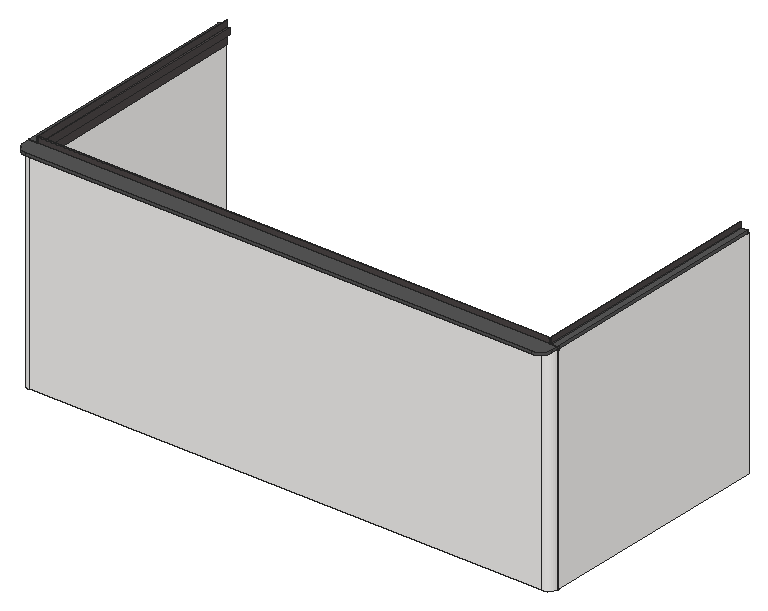
Revit family "vanity unit with 1 drawers for consoles with countertop basin ground", category Furniture, Revit 2019 (continued)
  Vanity unit 780_550 with 1 drawer for consoles with countertop basin ground-54056700-Natural Oak-MATT_WHITE-400 | "25.7" | no | no | no | no | no | no | no | no | no | no | no | no | no | no | no | no | no | no | no | no | no | no | no | no | no | no | no | no | no | no | yes | no | no | no | no | no | no | no | no | no | no | no | no | no | no | no | no | no | no | no | no | no | no | no | no | no | no | no | no | no | no | no | no | no | no | no | no | no | no | no | no | no | "MATT_WHITE" | "" | "Worldwide" | "https://pro.hansgrohe.com/articledetail--54056000" | "54056XXX" | "Natural Oak" | "Vanity unit 780/550 with 1 drawer for consoles with countertop basin ground-54056700-Natural Oak-MATT_WHITE-400" | "Xelu Q Vanity unit Natural Oak 780/550 with 1 drawer for consoles with countertop basin ground" | "Vanity unit 780/550 with 1 drawer for consoles with countertop basin ground-54056700-Natural Oak-MATT_WHITE-400" | "{$CADENAS_DATA/23d-libs/hansgrohe/xelu_furniture/vanity_unit_with_1_drawer_for_consoles_countertop/vanityunit_1_drawers_for_consoles_countertop.prj},432 {VTYP=3D},{NB=Vanity unit 780/550 with 1 drawer for consoles with countertop basin ground-54056700-Natural Oak-MATT_WHITE-400},{LINA=Vanity unit 780/550 with 1 drawer for consoles with countertop basin ground-54056700-Natural Oak-MATT_WHITE-400},{NN=Vanity Unit with 1 Drawers for consoles with countertop basin ground},{DATE=13.03.2023 03:04:52},{GEOMDATE=08.03.2023 14:00:04},{VERSION=},{LINEID=80},{WBVAR=LODLEVEL},{WBNUMERIC=}  {NB=Vanity unit 780/550 with 1 drawer for consoles with countertop basin ground-54056700-Natural Oak-MATT_WHITE-400},{LINA=Vanity unit 780/550 with 1 drawer for consoles with countertop basin ground-54056700-Natural Oak-MATT_WHITE-400},{KT=DUMMY},{IDNR=8},{ARTNR=54056700},{BASENUMBER=Vanity unit 780/550 with 1 drawer for consoles with countertop basin ground},{MODEL=54056XXX},{OBERFLAECHE=Natural Oak},{SURFACE=MATT_WHITE},{L=780},{LODLEVEL=400},{LODLEVELX='400','400','200','200'},{NAME=Xelu Q Vanity unit Natural Oak 780/550 with 1 drawer for consoles with countertop basin ground},{PERMALINK=54056XXX},{OBJECTTYPE=Object (single object)},{BIMOBJECT=Sanitary: Compound units},{PRODUCTFAMILY=Xelu Q},{PRODUCTGROUP=vanity unit},{WEIGHT=25.7},{DESCRIPTION=Xelu Q Vanity unit Natural Oak 780/550 with 1 drawer for consoles with countertop basin ground},{SPECIFICATION=},{PRODUCTURL=https://pro.hansgrohe.com/articledetail--54056000},{GTINCODE=4059625455876},{TENDERURL=},{IFC=Furnishing element},{ETIM=EC011381 | Bathroom furniture set},{UNICLASS2015=Pr_40_30_78_05 | Bathroom furniture},{OMNICLASS=23-21 19 15 33 13 | Residential Bathroom Specialty Casework},{MASTERFORMAT=12 35 30.23 | Bathroom Casework},{UNSPSC=56 | Furniture and Furnishings},{UNIFORMATII=E2010 | Fixed Furnishings},{REGIONSET=Worldwide},{DESIGN=Germany},{MANUFACTURER=Germany}" | "400" | "Vanity unit 780/550 with 1 drawer for consoles with countertop basin ground-54056700-Natural Oak-MATT_WHITE-400" | 780 | "4059625455876" | "Vanity unit 780/550 with 1 drawer for consoles with countertop basin ground" | "54056700"
  Vanity unit 780_550 with 1 drawer for consoles with countertop basin ground-54057000-Dark Walnut-CHROME-200 | "25.7" | no | no | no | no | no | no | no | no | no | no | no | no | no | no | no | no | no | no | no | no | no | no | no | no | no | no | no | no | no | yes | no | no | no | no | no | no | no | no | no | no | no | no | no | no | no | no | no | no | no | no | no | no | no | no | no | no | no | no | no | no | no | no | no | no | no | no | no | no | no | no | no | no | "CHROME" | "" | "Worldwide" | "https://pro.hansgrohe.com/articledetail--54057000" | "54057XXX" | "Dark Walnut" | "Vanity unit 780/550 with 1 drawer for consoles with countertop basin ground-54057000-Dark Walnut-CHROME-200" | "Xelu Q Vanity unit Dark Walnut 780/550 with 1 drawer for consoles with countertop basin ground" | "Vanity unit 780/550 with 1 drawer for consoles with countertop basin ground-54057000-Dark Walnut-CHROME-200" | "{$CADENAS_DATA/23d-libs/hansgrohe/xelu_furniture/vanity_unit_with_1_drawer_for_consoles_countertop/vanityunit_1_drawers_for_consoles_countertop.prj},425 {VTYP=3D},{NB=Vanity unit 780/550 with 1 drawer for consoles with countertop basin ground-54057000-Dark Walnut-CHROME-200},{LINA=Vanity unit 780/550 with 1 drawer for consoles with countertop basin ground-54057000-Dark Walnut-CHROME-200},{NN=Vanity Unit with 1 Drawers for consoles with countertop basin ground},{DATE=13.03.2023 03:04:52},{GEOMDATE=08.03.2023 14:00:04},{VERSION=},{LINEID=100},{WBVAR=LODLEVEL},{WBNUMERIC=}  {NB=Vanity unit 780/550 with 1 drawer for consoles with countertop basin ground-54057000-Dark Walnut-CHROME-200},{LINA=Vanity unit 780/550 with 1 drawer for consoles with countertop basin ground-54057000-Dark Walnut-CHROME-200},{KT=DUMMY},{IDNR=10},{ARTNR=54057000},{BASENUMBER=Vanity unit 780/550 with 1 drawer for consoles with countertop basin ground},{MODEL=54057XXX},{OBERFLAECHE=Dark Walnut},{SURFACE=CHROME},{L=780},{LODLEVEL=200},{LODLEVELX='400','400','200','200'},{NAME=Xelu Q Vanity unit Dark Walnut 780/550 with 1 drawer for consoles with countertop basin ground},{PERMALINK=54057XXX},{OBJECTTYPE=Object (single object)},{BIMOBJECT=Sanitary: Compound units},{PRODUCTFAMILY=Xelu Q},{PRODUCTGROUP=vanity unit},{WEIGHT=25.7},{DESCRIPTION=Xelu Q Vanity unit Dark Walnut 780/550 with 1 drawer for consoles with countertop basin ground},{SPECIFICATION=},{PRODUCTURL=https://pro.hansgrohe.com/articledetail--54057000},{GTINCODE=4059625455845},{TENDERURL=},{IFC=Furnishing element},{ETIM=EC011381 | Bathroom furniture set},{UNICLASS2015=Pr_40_30_78_05 | Bathroom furniture},{OMNICLASS=23-21 19 15 33 13 | Residential Bathroom Specialty Casework},{MASTERFORMAT=12 35 30.23 | Bathroom Casework},{UNSPSC=56 | Furniture and Furnishings},{UNIFORMATII=E2010 | Fixed Furnishings},{REGIONSET=Worldwide},{DESIGN=Germany},{MANUFACTURER=Germany}" | "200" | "Vanity unit 780/550 with 1 drawer for consoles with countertop basin ground-54057000-Dark Walnut-CHROME-200" | 780 | "4059625455845" | "Vanity unit 780/550 with 1 drawer for consoles with countertop basin ground" | "54057000"
  Vanity unit 780_550 with 1 drawer for consoles with countertop basin ground-54057000-Dark Walnut-CHROME-400 | "25.7" | no | no | no | no | no | no | no | no | no | no | no | no | no | no | no | no | no | no | no | no | no | no | no | no | no | no | no | no | yes | no | no | no | no | no | no | no | no | no | no | no | no | no | no | no | no | no | no | no | no | no | no | no | no | no | no | no | no | no | no | no | no | no | no | no | no | no | no | no | no | no | no | no | "CHROME" | "" | "Worldwide" | "https://pro.hansgrohe.com/articledetail--54057000" | "54057XXX" | "Dark Walnut" | "Vanity unit 780/550 with 1 drawer for consoles with countertop basin ground-54057000-Dark Walnut-CHROME-400" | "Xelu Q Vanity unit Dark Walnut 780/550 with 1 drawer for consoles with countertop basin ground" | "Vanity unit 780/550 with 1 drawer for consoles with countertop basin ground-54057000-Dark Walnut-CHROME-400" | "{$CADENAS_DATA/23d-libs/hansgrohe/xelu_furniture/vanity_unit_with_1_drawer_for_consoles_countertop/vanityunit_1_drawers_for_consoles_countertop.prj},425 {VTYP=3D},{NB=Vanity unit 780/550 with 1 drawer for consoles with countertop basin ground-54057000-Dark Walnut-CHROME-400},{LINA=Vanity unit 780/550 with 1 drawer for consoles with countertop basin ground-54057000-Dark Walnut-CHROME-400},{NN=Vanity Unit with 1 Drawers for consoles with countertop basin ground},{DATE=13.03.2023 03:04:52},{GEOMDATE=08.03.2023 14:00:04},{VERSION=},{LINEID=100},{WBVAR=LODLEVEL},{WBNUMERIC=}  {NB=Vanity unit 780/550 with 1 drawer for consoles with countertop basin ground-54057000-Dark Walnut-CHROME-400},{LINA=Vanity unit 780/550 with 1 drawer for consoles with countertop basin ground-54057000-Dark Walnut-CHROME-400},{KT=DUMMY},{IDNR=10},{ARTNR=54057000},{BASENUMBER=Vanity unit 780/550 with 1 drawer for consoles with countertop basin ground},{MODEL=54057XXX},{OBERFLAECHE=Dark Walnut},{SURFACE=CHROME},{L=780},{LODLEVEL=400},{LODLEVELX='400','400','200','200'},{NAME=Xelu Q Vanity unit Dark Walnut 780/550 with 1 drawer for consoles with countertop basin ground},{PERMALINK=54057XXX},{OBJECTTYPE=Object (single object)},{BIMOBJECT=Sanitary: Compound units},{PRODUCTFAMILY=Xelu Q},{PRODUCTGROUP=vanity unit},{WEIGHT=25.7},{DESCRIPTION=Xelu Q Vanity unit Dark Walnut 780/550 with 1 drawer for consoles with countertop basin ground},{SPECIFICATION=},{PRODUCTURL=https://pro.hansgrohe.com/articledetail--54057000},{GTINCODE=4059625455845},{TENDERURL=},{IFC=Furnishing element},{ETIM=EC011381 | Bathroom furniture set},{UNICLASS2015=Pr_40_30_78_05 | Bathroom furniture},{OMNICLASS=23-21 19 15 33 13 | Residential Bathroom Specialty Casework},{MASTERFORMAT=12 35 30.23 | Bathroom Casework},{UNSPSC=56 | Furniture and Furnishings},{UNIFORMATII=E2010 | Fixed Furnishings},{REGIONSET=Worldwide},{DESIGN=Germany},{MANUFACTURER=Germany}" | "400" | "Vanity unit 780/550 with 1 drawer for consoles with countertop basin ground-54057000-Dark Walnut-CHROME-400" | 780 | "4059625455845" | "Vanity unit 780/550 with 1 drawer for consoles with countertop basin ground" | "54057000"
  Vanity unit 780_550 with 1 drawer for consoles with countertop basin ground-54057670-Dark Walnut-MATT_BLACK-200 | "25.7" | no | no | no | no | no | no | no | no | no | no | no | no | no | no | no | no | no | no | no | no | no | no | no | no | no | no | no | yes | no | no | no | no | no | no | no | no | no | no | no | no | no | no | no | no | no | no | no | no | no | no | no | no | no | no | no | no | no | no | no | no | no | no | no | no | no | no | no | no | no | no | no | no | "MATT_BLACK" | "" | "Worldwide" | "https://pro.hansgrohe.com/articledetail--54057000" | "54057XXX" | "Dark Walnut" | "Vanity unit 780/550 with 1 drawer for consoles with countertop basin ground-54057670-Dark Walnut-MATT_BLACK-200" | "Xelu Q Vanity unit Dark Walnut 780/550 with 1 drawer for consoles with countertop basin ground" | "Vanity unit 780/550 with 1 drawer for consoles with countertop basin ground-54057670-Dark Walnut-MATT_BLACK-200" | "{$CADENAS_DATA/23d-libs/hansgrohe/xelu_furniture/vanity_unit_with_1_drawer_for_consoles_countertop/vanityunit_1_drawers_for_consoles_countertop.prj},433 {VTYP=3D},{NB=Vanity unit 780/550 with 1 drawer for consoles with countertop basin ground-54057670-Dark Walnut-MATT_BLACK-200},{LINA=Vanity unit 780/550 with 1 drawer for consoles with countertop basin ground-54057670-Dark Walnut-MATT_BLACK-200},{NN=Vanity Unit with 1 Drawers for consoles with countertop basin ground},{DATE=13.03.2023 03:04:52},{GEOMDATE=08.03.2023 14:00:04},{VERSION=},{LINEID=120},{WBVAR=LODLEVEL},{WBNUMERIC=}  {NB=Vanity unit 780/550 with 1 drawer for consoles with countertop basin ground-54057670-Dark Walnut-MATT_BLACK-200},{LINA=Vanity unit 780/550 with 1 drawer for consoles with countertop basin ground-54057670-Dark Walnut-MATT_BLACK-200},{KT=DUMMY},{IDNR=12},{ARTNR=54057670},{BASENUMBER=Vanity unit 780/550 with 1 drawer for consoles with countertop basin ground},{MODEL=54057XXX},{OBERFLAECHE=Dark Walnut},{SURFACE=MATT_BLACK},{L=780},{LODLEVEL=200},{LODLEVELX='400','400','200','200'},{NAME=Xelu Q Vanity unit Dark Walnut 780/550 with 1 drawer for consoles with countertop basin ground},{PERMALINK=54057XXX},{OBJECTTYPE=Object (single object)},{BIMOBJECT=Sanitary: Compound units},{PRODUCTFAMILY=Xelu Q},{PRODUCTGROUP=vanity unit},{WEIGHT=25.7},{DESCRIPTION=Xelu Q Vanity unit Dark Walnut 780/550 with 1 drawer for consoles with countertop basin ground},{SPECIFICATION=},{PRODUCTURL=https://pro.hansgrohe.com/articledetail--54057000},{GTINCODE=4059625455845},{TENDERURL=},{IFC=Furnishing element},{ETIM=EC011381 | Bathroom furniture set},{UNICLASS2015=Pr_40_30_78_05 | Bathroom furniture},{OMNICLASS=23-21 19 15 33 13 | Residential Bathroom Specialty Casework},{MASTERFORMAT=12 35 30.23 | Bathroom Casework},{UNSPSC=56 | Furniture and Furnishings},{UNIFORMATII=E2010 | Fixed Furnishings},{REGIONSET=Worldwide},{DESIGN=Germany},{MANUFACTURER=Germany}" | "200" | "Vanity unit 780/550 with 1 drawer for consoles with countertop basin ground-54057670-Dark Walnut-MATT_BLACK-200" | 780 | "4059625455845" | "Vanity unit 780/550 with 1 drawer for consoles with countertop basin ground" | "54057670"
  Vanity unit 780_550 with 1 drawer for consoles with countertop basin ground-54057670-Dark Walnut-MATT_BLACK-400 | "25.7" | no | no | no | no | no | no | no | no | no | no | no | no | no | no | no | no | no | no | no | no | no | no | no | no | no | no | yes | no | no | no | no | no | no | no | no | no | no | no | no | no | no | no | no | no | no | no | no | no | no | no | no | no | no | no | no | no | no | no | no | no | no | no | no | no | no | no | no | no | no | no | no | no | "MATT_BLACK" | "" | "Worldwide" | "https://pro.hansgrohe.com/articledetail--54057000" | "54057XXX" | "Dark Walnut" | "Vanity unit 780/550 with 1 drawer for consoles with countertop basin ground-54057670-Dark Walnut-MATT_BLACK-400" | "Xelu Q Vanity unit Dark Walnut 780/550 with 1 drawer for consoles with countertop basin ground" | "Vanity unit 780/550 with 1 drawer for consoles with countertop basin ground-54057670-Dark Walnut-MATT_BLACK-400" | "{$CADENAS_DATA/23d-libs/hansgrohe/xelu_furniture/vanity_unit_with_1_drawer_for_consoles_countertop/vanityunit_1_drawers_for_consoles_countertop.prj},433 {VTYP=3D},{NB=Vanity unit 780/550 with 1 drawer for consoles with countertop basin ground-54057670-Dark Walnut-MATT_BLACK-400},{LINA=Vanity unit 780/550 with 1 drawer for consoles with countertop basin ground-54057670-Dark Walnut-MATT_BLACK-400},{NN=Vanity Unit with 1 Drawers for consoles with countertop basin ground},{DATE=13.03.2023 03:04:52},{GEOMDATE=08.03.2023 14:00:04},{VERSION=},{LINEID=120},{WBVAR=LODLEVEL},{WBNUMERIC=}  {NB=Vanity unit 780/550 with 1 drawer for consoles with countertop basin ground-54057670-Dark Walnut-MATT_BLACK-400},{LINA=Vanity unit 780/550 with 1 drawer for consoles with countertop basin ground-54057670-Dark Walnut-MATT_BLACK-400},{KT=DUMMY},{IDNR=12},{ARTNR=54057670},{BASENUMBER=Vanity unit 780/550 with 1 drawer for consoles with countertop basin ground},{MODEL=54057XXX},{OBERFLAECHE=Dark Walnut},{SURFACE=MATT_BLACK},{L=780},{LODLEVEL=400},{LODLEVELX='400','400','200','200'},{NAME=Xelu Q Vanity unit Dark Walnut 780/550 with 1 drawer for consoles with countertop basin ground},{PERMALINK=54057XXX},{OBJECTTYPE=Object (single object)},{BIMOBJECT=Sanitary: Compound units},{PRODUCTFAMILY=Xelu Q},{PRODUCTGROUP=vanity unit},{WEIGHT=25.7},{DESCRIPTION=Xelu Q Vanity unit Dark Walnut 780/550 with 1 drawer for consoles with countertop basin ground},{SPECIFICATION=},{PRODUCTURL=https://pro.hansgrohe.com/articledetail--54057000},{GTINCODE=4059625455845},{TENDERURL=},{IFC=Furnishing element},{ETIM=EC011381 | Bathroom furniture set},{UNICLASS2015=Pr_40_30_78_05 | Bathroom furniture},{OMNICLASS=23-21 19 15 33 13 | Residential Bathroom Specialty Casework},{MASTERFORMAT=12 35 30.23 | Bathroom Casework},{UNSPSC=56 | Furniture and Furnishings},{UNIFORMATII=E2010 | Fixed Furnishings},{REGIONSET=Worldwide},{DESIGN=Germany},{MANUFACTURER=Germany}" | "400" | "Vanity unit 780/550 with 1 drawer for consoles with countertop basin ground-54057670-Dark Walnut-MATT_BLACK-400" | 780 | "4059625455845" | "Vanity unit 780/550 with 1 drawer for consoles with countertop basin ground" | "54057670"
  Vanity unit 780_550 with 1 drawer for consoles with countertop basin ground-54057700-Dark Walnut-MATT_WHITE-200 | "25.7" | no | no | no | no | no | no | no | no | no | no | no | no | no | no | no | no | no | no | no | no | no | no | no | no | no | yes | no | no | no | no | no | no | no | no | no | no | no | no | no | no | no | no | no | no | no | no | no | no | no | no | no | no | no | no | no | no | no | no | no | no | no | no | no | no | no | no | no | no | no | no | no | no | "MATT_WHITE" | "" | "Worldwide" | "https://pro.hansgrohe.com/articledetail--54057000" | "54057XXX" | "Dark Walnut" | "Vanity unit 780/550 with 1 drawer for consoles with countertop basin ground-54057700-Dark Walnut-MATT_WHITE-200" | "Xelu Q Vanity unit Dark Walnut 780/550 with 1 drawer for consoles with countertop basin ground" | "Vanity unit 780/550 with 1 drawer for consoles with countertop basin ground-54057700-Dark Walnut-MATT_WHITE-200" | "{$CADENAS_DATA/23d-libs/hansgrohe/xelu_furniture/vanity_unit_with_1_drawer_for_consoles_countertop/vanityunit_1_drawers_for_consoles_countertop.prj},433 {VTYP=3D},{NB=Vanity unit 780/550 with 1 drawer for consoles with countertop basin ground-54057700-Dark Walnut-MATT_WHITE-200},{LINA=Vanity unit 780/550 with 1 drawer for consoles with countertop basin ground-54057700-Dark Walnut-MATT_WHITE-200},{NN=Vanity Unit with 1 Drawers for consoles with countertop basin ground},{DATE=13.03.2023 03:04:52},{GEOMDATE=08.03.2023 14:00:04},{VERSION=},{LINEID=110},{WBVAR=LODLEVEL},{WBNUMERIC=}  {NB=Vanity unit 780/550 with 1 drawer for consoles with countertop basin ground-54057700-Dark Walnut-MATT_WHITE-200},{LINA=Vanity unit 780/550 with 1 drawer for consoles with countertop basin ground-54057700-Dark Walnut-MATT_WHITE-200},{KT=DUMMY},{IDNR=11},{ARTNR=54057700},{BASENUMBER=Vanity unit 780/550 with 1 drawer for consoles with countertop basin ground},{MODEL=54057XXX},{OBERFLAECHE=Dark Walnut},{SURFACE=MATT_WHITE},{L=780},{LODLEVEL=200},{LODLEVELX='400','400','200','200'},{NAME=Xelu Q Vanity unit Dark Walnut 780/550 with 1 drawer for consoles with countertop basin ground},{PERMALINK=54057XXX},{OBJECTTYPE=Object (single object)},{BIMOBJECT=Sanitary: Compound units},{PRODUCTFAMILY=Xelu Q},{PRODUCTGROUP=vanity unit},{WEIGHT=25.7},{DESCRIPTION=Xelu Q Vanity unit Dark Walnut 780/550 with 1 drawer for consoles with countertop basin ground},{SPECIFICATION=},{PRODUCTURL=https://pro.hansgrohe.com/articledetail--54057000},{GTINCODE=4059625455845},{TENDERURL=},{IFC=Furnishing element},{ETIM=EC011381 | Bathroom furniture set},{UNICLASS2015=Pr_40_30_78_05 | Bathroom furniture},{OMNICLASS=23-21 19 15 33 13 | Residential Bathroom Specialty Casework},{MASTERFORMAT=12 35 30.23 | Bathroom Casework},{UNSPSC=56 | Furniture and Furnishings},{UNIFORMATII=E2010 | Fixed Furnishings},{REGIONSET=Worldwide},{DESIGN=Germany},{MANUFACTURER=Germany}" | "200" | "Vanity unit 780/550 with 1 drawer for consoles with countertop basin ground-54057700-Dark Walnut-MATT_WHITE-200" | 780 | "4059625455845" | "Vanity unit 780/550 with 1 drawer for consoles with countertop basin ground" | "54057700"
  Vanity unit 780_550 with 1 drawer for consoles with countertop basin ground-54057700-Dark Walnut-MATT_WHITE-400 | "25.7" | no | no | no | no | no | no | no | no | no | no | no | no | no | no | no | no | no | no | no | no | no | no | no | no | yes | no | no | no | no | no | no | no | no | no | no | no | no | no | no | no | no | no | no | no | no | no | no | no | no | no | no | no | no | no | no | no | no | no | no | no | no | no | no | no | no | no | no | no | no | no | no | no | "MATT_WHITE" | "" | "Worldwide" | "https://pro.hansgrohe.com/articledetail--54057000" | "54057XXX" | "Dark Walnut" | "Vanity unit 780/550 with 1 drawer for consoles with countertop basin ground-54057700-Dark Walnut-MATT_WHITE-400" | "Xelu Q Vanity unit Dark Walnut 780/550 with 1 drawer for consoles with countertop basin ground" | "Vanity unit 780/550 with 1 drawer for consoles with countertop basin ground-54057700-Dark Walnut-MATT_WHITE-400" | "{$CADENAS_DATA/23d-libs/hansgrohe/xelu_furniture/vanity_unit_with_1_drawer_for_consoles_countertop/vanityunit_1_drawers_for_consoles_countertop.prj},433 {VTYP=3D},{NB=Vanity unit 780/550 with 1 drawer for consoles with countertop basin ground-54057700-Dark Walnut-MATT_WHITE-400},{LINA=Vanity unit 780/550 with 1 drawer for consoles with countertop basin ground-54057700-Dark Walnut-MATT_WHITE-400},{NN=Vanity Unit with 1 Drawers for consoles with countertop basin ground},{DATE=13.03.2023 03:04:52},{GEOMDATE=08.03.2023 14:00:04},{VERSION=},{LINEID=110},{WBVAR=LODLEVEL},{WBNUMERIC=}  {NB=Vanity unit 780/550 with 1 drawer for consoles with countertop basin ground-54057700-Dark Walnut-MATT_WHITE-400},{LINA=Vanity unit 780/550 with 1 drawer for consoles with countertop basin ground-54057700-Dark Walnut-MATT_WHITE-400},{KT=DUMMY},{IDNR=11},{ARTNR=54057700},{BASENUMBER=Vanity unit 780/550 with 1 drawer for consoles with countertop basin ground},{MODEL=54057XXX},{OBERFLAECHE=Dark Walnut},{SURFACE=MATT_WHITE},{L=780},{LODLEVEL=400},{LODLEVELX='400','400','200','200'},{NAME=Xelu Q Vanity unit Dark Walnut 780/550 with 1 drawer for consoles with countertop basin ground},{PERMALINK=54057XXX},{OBJECTTYPE=Object (single object)},{BIMOBJECT=Sanitary: Compound units},{PRODUCTFAMILY=Xelu Q},{PRODUCTGROUP=vanity unit},{WEIGHT=25.7},{DESCRIPTION=Xelu Q Vanity unit Dark Walnut 780/550 with 1 drawer for consoles with countertop basin ground},{SPECIFICATION=},{PRODUCTURL=https://pro.hansgrohe.com/articledetail--54057000},{GTINCODE=4059625455845},{TENDERURL=},{IFC=Furnishing element},{ETIM=EC011381 | Bathroom furniture set},{UNICLASS2015=Pr_40_30_78_05 | Bathroom furniture},{OMNICLASS=23-21 19 15 33 13 | Residential Bathroom Specialty Casework},{MASTERFORMAT=12 35 30.23 | Bathroom Casework},{UNSPSC=56 | Furniture and Furnishings},{UNIFORMATII=E2010 | Fixed Furnishings},{REGIONSET=Worldwide},{DESIGN=Germany},{MANUFACTURER=Germany}" | "400" | "Vanity unit 780/550 with 1 drawer for consoles with countertop basin ground-54057700-Dark Walnut-MATT_WHITE-400" | 780 | "4059625455845" | "Vanity unit 780/550 with 1 drawer for consoles with countertop basin ground" | "54057700"
  Vanity unit 980_550 with 1 drawer for consoles with countertop basin ground-54058000-High Gloss White-CHROME-200 | "30.2" | no | no | no | no | no | no | no | no | no | no | no | no | no | no | no | no | no | no | no | no | no | no | no | yes | no | no | no | no | no | no | no | no | no | no | no | no | no | no | no | no | no | no | no | no | no | no | no | no | no | no | no | no | no | no | no | no | no | no | no | no | no | no | no | no | no | no | no | no | no | no | no | no | "CHROME" | "" | "Worldwide" | "https://pro.hansgrohe.com/articledetail--54058000" | "54058XXX" | "High Gloss White" | "Vanity unit 980/550 with 1 drawer for consoles with countertop basin ground-54058000-High Gloss White-CHROME-200" | "Xelu Q Vanity unit High Gloss White 980/550 with 1 drawer for consoles with countertop basin ground" | "Vanity unit 980/550 with 1 drawer for consoles with countertop basin ground-54058000-High Gloss White-CHROME-200" | "{$CADENAS_DATA/23d-libs/hansgrohe/xelu_furniture/vanity_unit_with_1_drawer_for_consoles_countertop/vanityunit_1_drawers_for_consoles_countertop.prj},435 {VTYP=3D},{NB=Vanity unit 980/550 with 1 drawer for consoles with countertop basin ground-54058000-High Gloss White-CHROME-200},{LINA=Vanity unit 980/550 with 1 drawer for consoles with countertop basin ground-54058000-High Gloss White-CHROME-200},{NN=Vanity Unit with 1 Drawers for consoles with countertop basin ground},{DATE=13.03.2023 03:04:52},{GEOMDATE=08.03.2023 14:00:04},{VERSION=},{LINEID=150},{WBVAR=LODLEVEL},{WBNUMERIC=}  {NB=Vanity unit 980/550 with 1 drawer for consoles with countertop basin ground-54058000-High Gloss White-CHROME-200},{LINA=Vanity unit 980/550 with 1 drawer for consoles with countertop basin ground-54058000-High Gloss White-CHROME-200},{KT=DUMMY},{IDNR=15},{ARTNR=54058000},{BASENUMBER=Vanity unit 980/550 with 1 drawer for consoles with countertop basin ground},{MODEL=54058XXX},{OBERFLAECHE=High Gloss White},{SURFACE=CHROME},{L=980},{LODLEVEL=200},{LODLEVELX='400','400','200','200'},{NAME=Xelu Q Vanity unit High Gloss White 980/550 with 1 drawer for consoles with countertop basin ground},{PERMALINK=54058XXX},{OBJECTTYPE=Object (single object)},{BIMOBJECT=Sanitary: Compound units},{PRODUCTFAMILY=Xelu Q},{PRODUCTGROUP=vanity unit},{WEIGHT=30.2},{DESCRIPTION=Xelu Q Vanity unit High Gloss White 980/550 with 1 drawer for consoles with countertop basin ground},{SPECIFICATION=},{PRODUCTURL=https://pro.hansgrohe.com/articledetail--54058000},{GTINCODE=4059625456217},{TENDERURL=},{IFC=Furnishing element},{ETIM=EC011381 | Bathroom furniture set},{UNICLASS2015=Pr_40_30_78_05 | Bathroom furniture},{OMNICLASS=23-21 19 15 33 13 | Residential Bathroom Specialty Casework},{MASTERFORMAT=12 35 30.23 | Bathroom Casework},{UNSPSC=56 | Furniture and Furnishings},{UNIFORMATII=E2010 | Fixed Furnishings},{REGIONSET=Worldwide},{DESIGN=Germany},{MANUFACTURER=Germany}" | "200" | "Vanity unit 980/550 with 1 drawer for consoles with countertop basin ground-54058000-High Gloss White-CHROME-200" | 980 | "4059625456217" | "Vanity unit 980/550 with 1 drawer for consoles with countertop basin ground" | "54058000"
  Vanity unit 980_550 with 1 drawer for consoles with countertop basin ground-54058000-High Gloss White-CHROME-400 | "30.2" | no | no | no | no | no | no | no | no | no | no | no | no | no | no | no | no | no | no | no | no | no | no | yes | no | no | no | no | no | no | no | no | no | no | no | no | no | no | no | no | no | no | no | no | no | no | no | no | no | no | no | no | no | no | no | no | no | no | no | no | no | no | no | no | no | no | no | no | no | no | no | no | no | "CHROME" | "" | "Worldwide" | "https://pro.hansgrohe.com/articledetail--54058000" | "54058XXX" | "High Gloss White" | "Vanity unit 980/550 with 1 drawer for consoles with countertop basin ground-54058000-High Gloss White-CHROME-400" | "Xelu Q Vanity unit High Gloss White 980/550 with 1 drawer for consoles with countertop basin ground" | "Vanity unit 980/550 with 1 drawer for consoles with countertop basin ground-54058000-High Gloss White-CHROME-400" | "{$CADENAS_DATA/23d-libs/hansgrohe/xelu_furniture/vanity_unit_with_1_drawer_for_consoles_countertop/vanityunit_1_drawers_for_consoles_countertop.prj},435 {VTYP=3D},{NB=Vanity unit 980/550 with 1 drawer for consoles with countertop basin ground-54058000-High Gloss White-CHROME-400},{LINA=Vanity unit 980/550 with 1 drawer for consoles with countertop basin ground-54058000-High Gloss White-CHROME-400},{NN=Vanity Unit with 1 Drawers for consoles with countertop basin ground},{DATE=13.03.2023 03:04:52},{GEOMDATE=08.03.2023 14:00:04},{VERSION=},{LINEID=150},{WBVAR=LODLEVEL},{WBNUMERIC=}  {NB=Vanity unit 980/550 with 1 drawer for consoles with countertop basin ground-54058000-High Gloss White-CHROME-400},{LINA=Vanity unit 980/550 with 1 drawer for consoles with countertop basin ground-54058000-High Gloss White-CHROME-400},{KT=DUMMY},{IDNR=15},{ARTNR=54058000},{BASENUMBER=Vanity unit 980/550 with 1 drawer for consoles with countertop basin ground},{MODEL=54058XXX},{OBERFLAECHE=High Gloss White},{SURFACE=CHROME},{L=980},{LODLEVEL=400},{LODLEVELX='400','400','200','200'},{NAME=Xelu Q Vanity unit High Gloss White 980/550 with 1 drawer for consoles with countertop basin ground},{PERMALINK=54058XXX},{OBJECTTYPE=Object (single object)},{BIMOBJECT=Sanitary: Compound units},{PRODUCTFAMILY=Xelu Q},{PRODUCTGROUP=vanity unit},{WEIGHT=30.2},{DESCRIPTION=Xelu Q Vanity unit High Gloss White 980/550 with 1 drawer for consoles with countertop basin ground},{SPECIFICATION=},{PRODUCTURL=https://pro.hansgrohe.com/articledetail--54058000},{GTINCODE=4059625456217},{TENDERURL=},{IFC=Furnishing element},{ETIM=EC011381 | Bathroom furniture set},{UNICLASS2015=Pr_40_30_78_05 | Bathroom furniture},{OMNICLASS=23-21 19 15 33 13 | Residential Bathroom Specialty Casework},{MASTERFORMAT=12 35 30.23 | Bathroom Casework},{UNSPSC=56 | Furniture and Furnishings},{UNIFORMATII=E2010 | Fixed Furnishings},{REGIONSET=Worldwide},{DESIGN=Germany},{MANUFACTURER=Germany}" | "400" | "Vanity unit 980/550 with 1 drawer for consoles with countertop basin ground-54058000-High Gloss White-CHROME-400" | 980 | "4059625456217" | "Vanity unit 980/550 with 1 drawer for consoles with countertop basin ground" | "54058000"
  Vanity unit 980_550 with 1 drawer for consoles with countertop basin ground-54058670-High Gloss White-MATT_BLACK-200 | "30.2" | no | no | no | no | no | no | no | no | no | no | no | no | no | no | no | no | no | no | no | no | no | yes | no | no | no | no | no | no | no | no | no | no | no | no | no | no | no | no | no | no | no | no | no | no | no | no | no | no | no | no | no | no | no | no | no | no | no | no | no | no | no | no | no | no | no | no | no | no | no | no | no | no | "MATT_BLACK" | "" | "Worldwide" | "https://pro.hansgrohe.com/articledetail--54058000" | "54058XXX" | "High Gloss White" | "Vanity unit 980/550 with 1 drawer for consoles with countertop basin ground-54058670-High Gloss White-MATT_BLACK-200" | "Xelu Q Vanity unit High Gloss White 980/550 with 1 drawer for consoles with countertop basin ground" | "Vanity unit 980/550 with 1 drawer for consoles with countertop basin ground-54058670-High Gloss White-MATT_BLACK-200" | "{$CADENAS_DATA/23d-libs/hansgrohe/xelu_furniture/vanity_unit_with_1_drawer_for_consoles_countertop/vanityunit_1_drawers_for_consoles_countertop.prj},443 {VTYP=3D},{NB=Vanity unit 980/550 with 1 drawer for consoles with countertop basin ground-54058670-High Gloss White-MATT_BLACK-200},{LINA=Vanity unit 980/550 with 1 drawer for consoles with countertop basin ground-54058670-High Gloss White-MATT_BLACK-200},{NN=Vanity Unit with 1 Drawers for consoles with countertop basin ground},{DATE=13.03.2023 03:04:52},{GEOMDATE=08.03.2023 14:00:04},{VERSION=},{LINEID=140},{WBVAR=LODLEVEL},{WBNUMERIC=}  {NB=Vanity unit 980/550 with 1 drawer for consoles with countertop basin ground-54058670-High Gloss White-MATT_BLACK-200},{LINA=Vanity unit 980/550 with 1 drawer for consoles with countertop basin ground-54058670-High Gloss White-MATT_BLACK-200},{KT=DUMMY},{IDNR=14},{ARTNR=54058670},{BASENUMBER=Vanity unit 980/550 with 1 drawer for consoles with countertop basin ground},{MODEL=54058XXX},{OBERFLAECHE=High Gloss White},{SURFACE=MATT_BLACK},{L=980},{LODLEVEL=200},{LODLEVELX='400','400','200','200'},{NAME=Xelu Q Vanity unit High Gloss White 980/550 with 1 drawer for consoles with countertop basin ground},{PERMALINK=54058XXX},{OBJECTTYPE=Object (single object)},{BIMOBJECT=Sanitary: Compound units},{PRODUCTFAMILY=Xelu Q},{PRODUCTGROUP=vanity unit},{WEIGHT=30.2},{DESCRIPTION=Xelu Q Vanity unit High Gloss White 980/550 with 1 drawer for consoles with countertop basin ground},{SPECIFICATION=},{PRODUCTURL=https://pro.hansgrohe.com/articledetail--54058000},{GTINCODE=4059625456217},{TENDERURL=},{IFC=Furnishing element},{ETIM=EC011381 | Bathroom furniture set},{UNICLASS2015=Pr_40_30_78_05 | Bathroom furniture},{OMNICLASS=23-21 19 15 33 13 | Residential Bathroom Specialty Casework},{MASTERFORMAT=12 35 30.23 | Bathroom Casework},{UNSPSC=56 | Furniture and Furnishings},{UNIFORMATII=E2010 | Fixed Furnishings},{REGIONSET=Worldwide},{DESIGN=Germany},{MANUFACTURER=Germany}" | "200" | "Vanity unit 980/550 with 1 drawer for consoles with countertop basin ground-54058670-High Gloss White-MATT_BLACK-200" | 980 | "4059625456217" | "Vanity unit 980/550 with 1 drawer for consoles with countertop basin ground" | "54058670"
  Vanity unit 980_550 with 1 drawer for consoles with countertop basin ground-54058670-High Gloss White-MATT_BLACK-400 | "30.2" | no | no | no | no | no | no | no | no | no | no | no | no | no | no | no | no | no | no | no | no | yes | no | no | no | no | no | no | no | no | no | no | no | no | no | no | no | no | no | no | no | no | no | no | no | no | no | no | no | no | no | no | no | no | no | no | no | no | no | no | no | no | no | no | no | no | no | no | no | no | no | no | no | "MATT_BLACK" | "" | "Worldwide" | "https://pro.hansgrohe.com/articledetail--54058000" | "54058XXX" | "High Gloss White" | "Vanity unit 980/550 with 1 drawer for consoles with countertop basin ground-54058670-High Gloss White-MATT_BLACK-400" | "Xelu Q Vanity unit High Gloss White 980/550 with 1 drawer for consoles with countertop basin ground" | "Vanity unit 980/550 with 1 drawer for consoles with countertop basin ground-54058670-High Gloss White-MATT_BLACK-400" | "{$CADENAS_DATA/23d-libs/hansgrohe/xelu_furniture/vanity_unit_with_1_drawer_for_consoles_countertop/vanityunit_1_drawers_for_consoles_countertop.prj},443 {VTYP=3D},{NB=Vanity unit 980/550 with 1 drawer for consoles with countertop basin ground-54058670-High Gloss White-MATT_BLACK-400},{LINA=Vanity unit 980/550 with 1 drawer for consoles with countertop basin ground-54058670-High Gloss White-MATT_BLACK-400},{NN=Vanity Unit with 1 Drawers for consoles with countertop basin ground},{DATE=13.03.2023 03:04:52},{GEOMDATE=08.03.2023 14:00:04},{VERSION=},{LINEID=140},{WBVAR=LODLEVEL},{WBNUMERIC=}  {NB=Vanity unit 980/550 with 1 drawer for consoles with countertop basin ground-54058670-High Gloss White-MATT_BLACK-400},{LINA=Vanity unit 980/550 with 1 drawer for consoles with countertop basin ground-54058670-High Gloss White-MATT_BLACK-400},{KT=DUMMY},{IDNR=14},{ARTNR=54058670},{BASENUMBER=Vanity unit 980/550 with 1 drawer for consoles with countertop basin ground},{MODEL=54058XXX},{OBERFLAECHE=High Gloss White},{SURFACE=MATT_BLACK},{L=980},{LODLEVEL=400},{LODLEVELX='400','400','200','200'},{NAME=Xelu Q Vanity unit High Gloss White 980/550 with 1 drawer for consoles with countertop basin ground},{PERMALINK=54058XXX},{OBJECTTYPE=Object (single object)},{BIMOBJECT=Sanitary: Compound units},{PRODUCTFAMILY=Xelu Q},{PRODUCTGROUP=vanity unit},{WEIGHT=30.2},{DESCRIPTION=Xelu Q Vanity unit High Gloss White 980/550 with 1 drawer for consoles with countertop basin ground},{SPECIFICATION=},{PRODUCTURL=https://pro.hansgrohe.com/articledetail--54058000},{GTINCODE=4059625456217},{TENDERURL=},{IFC=Furnishing element},{ETIM=EC011381 | Bathroom furniture set},{UNICLASS2015=Pr_40_30_78_05 | Bathroom furniture},{OMNICLASS=23-21 19 15 33 13 | Residential Bathroom Specialty Casework},{MASTERFORMAT=12 35 30.23 | Bathroom Casework},{UNSPSC=56 | Furniture and Furnishings},{UNIFORMATII=E2010 | Fixed Furnishings},{REGIONSET=Worldwide},{DESIGN=Germany},{MANUFACTURER=Germany}" | "400" | "Vanity unit 980/550 with 1 drawer for consoles with countertop basin ground-54058670-High Gloss White-MATT_BLACK-400" | 980 | "4059625456217" | "Vanity unit 980/550 with 1 drawer for consoles with countertop basin ground" | "54058670"
  Vanity unit 980_550 with 1 drawer for consoles with countertop basin ground-54058700-High Gloss White-MATT_WHITE-200 | "30.2" | no | no | no | no | no | no | no | no | no | no | no | no | no | no | no | no | no | no | no | yes | no | no | no | no | no | no | no | no | no | no | no | no | no | no | no | no | no | no | no | no | no | no | no | no | no | no | no | no | no | no | no | no | no | no | no | no | no | no | no | no | no | no | no | no | no | no | no | no | no | no | no | no | "MATT_WHITE" | "" | "Worldwide" | "https://pro.hansgrohe.com/articledetail--54058000" | "54058XXX" | "High Gloss White" | "Vanity unit 980/550 with 1 drawer for consoles with countertop basin ground-54058700-High Gloss White-MATT_WHITE-200" | "Xelu Q Vanity unit High Gloss White 980/550 with 1 drawer for consoles with countertop basin ground" | "Vanity unit 980/550 with 1 drawer for consoles with countertop basin ground-54058700-High Gloss White-MATT_WHITE-200" | "{$CADENAS_DATA/23d-libs/hansgrohe/xelu_furniture/vanity_unit_with_1_drawer_for_consoles_countertop/vanityunit_1_drawers_for_consoles_countertop.prj},443 {VTYP=3D},{NB=Vanity unit 980/550 with 1 drawer for consoles with countertop basin ground-54058700-High Gloss White-MATT_WHITE-200},{LINA=Vanity unit 980/550 with 1 drawer for consoles with countertop basin ground-54058700-High Gloss White-MATT_WHITE-200},{NN=Vanity Unit with 1 Drawers for consoles with countertop basin ground},{DATE=13.03.2023 03:04:52},{GEOMDATE=08.03.2023 14:00:04},{VERSION=},{LINEID=130},{WBVAR=LODLEVEL},{WBNUMERIC=}  {NB=Vanity unit 980/550 with 1 drawer for consoles with countertop basin ground-54058700-High Gloss White-MATT_WHITE-200},{LINA=Vanity unit 980/550 with 1 drawer for consoles with countertop basin ground-54058700-High Gloss White-MATT_WHITE-200},{KT=DUMMY},{IDNR=13},{ARTNR=54058700},{BASENUMBER=Vanity unit 980/550 with 1 drawer for consoles with countertop basin ground},{MODEL=54058XXX},{OBERFLAECHE=High Gloss White},{SURFACE=MATT_WHITE},{L=980},{LODLEVEL=200},{LODLEVELX='400','400','200','200'},{NAME=Xelu Q Vanity unit High Gloss White 980/550 with 1 drawer for consoles with countertop basin ground},{PERMALINK=54058XXX},{OBJECTTYPE=Object (single object)},{BIMOBJECT=Sanitary: Compound units},{PRODUCTFAMILY=Xelu Q},{PRODUCTGROUP=vanity unit},{WEIGHT=30.2},{DESCRIPTION=Xelu Q Vanity unit High Gloss White 980/550 with 1 drawer for consoles with countertop basin ground},{SPECIFICATION=},{PRODUCTURL=https://pro.hansgrohe.com/articledetail--54058000},{GTINCODE=4059625456217},{TENDERURL=},{IFC=Furnishing element},{ETIM=EC011381 | Bathroom furniture set},{UNICLASS2015=Pr_40_30_78_05 | Bathroom furniture},{OMNICLASS=23-21 19 15 33 13 | Residential Bathroom Specialty Casework},{MASTERFORMAT=12 35 30.23 | Bathroom Casework},{UNSPSC=56 | Furniture and Furnishings},{UNIFORMATII=E2010 | Fixed Furnishings},{REGIONSET=Worldwide},{DESIGN=Germany},{MANUFACTURER=Germany}" | "200" | "Vanity unit 980/550 with 1 drawer for consoles with countertop basin ground-54058700-High Gloss White-MATT_WHITE-200" | 980 | "4059625456217" | "Vanity unit 980/550 with 1 drawer for consoles with countertop basin ground" | "54058700"
  Vanity unit 980_550 with 1 drawer for consoles with countertop basin ground-54058700-High Gloss White-MATT_WHITE-400 | "30.2" | no | no | no | no | no | no | no | no | no | no | no | no | no | no | no | no | no | no | yes | no | no | no | no | no | no | no | no | no | no | no | no | no | no | no | no | no | no | no | no | no | no | no | no | no | no | no | no | no | no | no | no | no | no | no | no | no | no | no | no | no | no | no | no | no | no | no | no | no | no | no | no | no | "MATT_WHITE" | "" | "Worldwide" | "https://pro.hansgrohe.com/articledetail--54058000" | "54058XXX" | "High Gloss White" | "Vanity unit 980/550 with 1 drawer for consoles with countertop basin ground-54058700-High Gloss White-MATT_WHITE-400" | "Xelu Q Vanity unit High Gloss White 980/550 with 1 drawer for consoles with countertop basin ground" | "Vanity unit 980/550 with 1 drawer for consoles with countertop basin ground-54058700-High Gloss White-MATT_WHITE-400" | "{$CADENAS_DATA/23d-libs/hansgrohe/xelu_furniture/vanity_unit_with_1_drawer_for_consoles_countertop/vanityunit_1_drawers_for_consoles_countertop.prj},443 {VTYP=3D},{NB=Vanity unit 980/550 with 1 drawer for consoles with countertop basin ground-54058700-High Gloss White-MATT_WHITE-400},{LINA=Vanity unit 980/550 with 1 drawer for consoles with countertop basin ground-54058700-High Gloss White-MATT_WHITE-400},{NN=Vanity Unit with 1 Drawers for consoles with countertop basin ground},{DATE=13.03.2023 03:04:52},{GEOMDATE=08.03.2023 14:00:04},{VERSION=},{LINEID=130},{WBVAR=LODLEVEL},{WBNUMERIC=}  {NB=Vanity unit 980/550 with 1 drawer for consoles with countertop basin ground-54058700-High Gloss White-MATT_WHITE-400},{LINA=Vanity unit 980/550 with 1 drawer for consoles with countertop basin ground-54058700-High Gloss White-MATT_WHITE-400},{KT=DUMMY},{IDNR=13},{ARTNR=54058700},{BASENUMBER=Vanity unit 980/550 with 1 drawer for consoles with countertop basin ground},{MODEL=54058XXX},{OBERFLAECHE=High Gloss White},{SURFACE=MATT_WHITE},{L=980},{LODLEVEL=400},{LODLEVELX='400','400','200','200'},{NAME=Xelu Q Vanity unit High Gloss White 980/550 with 1 drawer for consoles with countertop basin ground},{PERMALINK=54058XXX},{OBJECTTYPE=Object (single object)},{BIMOBJECT=Sanitary: Compound units},{PRODUCTFAMILY=Xelu Q},{PRODUCTGROUP=vanity unit},{WEIGHT=30.2},{DESCRIPTION=Xelu Q Vanity unit High Gloss White 980/550 with 1 drawer for consoles with countertop basin ground},{SPECIFICATION=},{PRODUCTURL=https://pro.hansgrohe.com/articledetail--54058000},{GTINCODE=4059625456217},{TENDERURL=},{IFC=Furnishing element},{ETIM=EC011381 | Bathroom furniture set},{UNICLASS2015=Pr_40_30_78_05 | Bathroom furniture},{OMNICLASS=23-21 19 15 33 13 | Residential Bathroom Specialty Casework},{MASTERFORMAT=12 35 30.23 | Bathroom Casework},{UNSPSC=56 | Furniture and Furnishings},{UNIFORMATII=E2010 | Fixed Furnishings},{REGIONSET=Worldwide},{DESIGN=Germany},{MANUFACTURER=Germany}" | "400" | "Vanity unit 980/550 with 1 drawer for consoles with countertop basin ground-54058700-High Gloss White-MATT_WHITE-400" | 980 | "4059625456217" | "Vanity unit 980/550 with 1 drawer for consoles with countertop basin ground" | "54058700"
  Vanity unit 980_550 with 1 drawer for consoles with countertop basin ground-54059000-Diamond Matt Grey-CHROME-200 | "30.2" | no | no | no | no | no | no | no | no | no | no | no | no | no | no | no | no | no | yes | no | no | no | no | no | no | no | no | no | no | no | no | no | no | no | no | no | no | no | no | no | no | no | no | no | no | no | no | no | no | no | no | no | no | no | no | no | no | no | no | no | no | no | no | no | no | no | no | no | no | no | no | no | no | "CHROME" | "" | "Worldwide" | "https://pro.hansgrohe.com/articledetail--54059000" | "54059XXX" | "Diamond Matt Grey" | "Vanity unit 980/550 with 1 drawer for consoles with countertop basin ground-54059000-Diamond Matt Grey-CHROME-200" | "Xelu Q Vanity unit Diamond Matt Grey 980/550 with 1 drawer for consoles with countertop basin ground" | "Vanity unit 980/550 with 1 drawer for consoles with countertop basin ground-54059000-Diamond Matt Grey-CHROME-200" | "{$CADENAS_DATA/23d-libs/hansgrohe/xelu_furniture/vanity_unit_with_1_drawer_for_consoles_countertop/vanityunit_1_drawers_for_consoles_countertop.prj},437 {VTYP=3D},{NB=Vanity unit 980/550 with 1 drawer for consoles with countertop basin ground-54059000-Diamond Matt Grey-CHROME-200},{LINA=Vanity unit 980/550 with 1 drawer for consoles with countertop basin ground-54059000-Diamond Matt Grey-CHROME-200},{NN=Vanity Unit with 1 Drawers for consoles with countertop basin ground},{DATE=13.03.2023 03:04:52},{GEOMDATE=08.03.2023 14:00:04},{VERSION=},{LINEID=170},{WBVAR=LODLEVEL},{WBNUMERIC=}  {NB=Vanity unit 980/550 with 1 drawer for consoles with countertop basin ground-54059000-Diamond Matt Grey-CHROME-200},{LINA=Vanity unit 980/550 with 1 drawer for consoles with countertop basin ground-54059000-Diamond Matt Grey-CHROME-200},{KT=DUMMY},{IDNR=17},{ARTNR=54059000},{BASENUMBER=Vanity unit 980/550 with 1 drawer for consoles with countertop basin ground},{MODEL=54059XXX},{OBERFLAECHE=Diamond Matt Grey},{SURFACE=CHROME},{L=980},{LODLEVEL=200},{LODLEVELX='400','400','200','200'},{NAME=Xelu Q Vanity unit Diamond Matt Grey 980/550 with 1 drawer for consoles with countertop basin ground},{PERMALINK=54059XXX},{OBJECTTYPE=Object (single object)},{BIMOBJECT=Sanitary: Compound units},{PRODUCTFAMILY=Xelu Q},{PRODUCTGROUP=vanity unit},{WEIGHT=30.2},{DESCRIPTION=Xelu Q Vanity unit Diamond Matt Grey 980/550 with 1 drawer for consoles with countertop basin ground},{SPECIFICATION=},{PRODUCTURL=https://pro.hansgrohe.com/articledetail--54059000},{GTINCODE=4059625456187},{TENDERURL=},{IFC=Furnishing element},{ETIM=EC011381 | Bathroom furniture set},{UNICLASS2015=Pr_40_30_78_05 | Bathroom furniture},{OMNICLASS=23-21 19 15 33 13 | Residential Bathroom Specialty Casework},{MASTERFORMAT=12 35 30.23 | Bathroom Casework},{UNSPSC=56 | Furniture and Furnishings},{UNIFORMATII=E2010 | Fixed Furnishings},{REGIONSET=Worldwide},{DESIGN=Germany},{MANUFACTURER=Germany}" | "200" | "Vanity unit 980/550 with 1 drawer for consoles with countertop basin ground-54059000-Diamond Matt Grey-CHROME-200" | 980 | "4059625456187" | "Vanity unit 980/550 with 1 drawer for consoles with countertop basin ground" | "54059000"
  Vanity unit 980_550 with 1 drawer for consoles with countertop basin ground-54059000-Diamond Matt Grey-CHROME-400 | "30.2" | no | no | no | no | no | no | no | no | no | no | no | no | no | no | no | no | yes | no | no | no | no | no | no | no | no | no | no | no | no | no | no | no | no | no | no | no | no | no | no | no | no | no | no | no | no | no | no | no | no | no | no | no | no | no | no | no | no | no | no | no | no | no | no | no | no | no | no | no | no | no | no | no | "CHROME" | "" | "Worldwide" | "https://pro.hansgrohe.com/articledetail--54059000" | "54059XXX" | "Diamond Matt Grey" | "Vanity unit 980/550 with 1 drawer for consoles with countertop basin ground-54059000-Diamond Matt Grey-CHROME-400" | "Xelu Q Vanity unit Diamond Matt Grey 980/550 with 1 drawer for consoles with countertop basin ground" | "Vanity unit 980/550 with 1 drawer for consoles with countertop basin ground-54059000-Diamond Matt Grey-CHROME-400" | "{$CADENAS_DATA/23d-libs/hansgrohe/xelu_furniture/vanity_unit_with_1_drawer_for_consoles_countertop/vanityunit_1_drawers_for_consoles_countertop.prj},437 {VTYP=3D},{NB=Vanity unit 980/550 with 1 drawer for consoles with countertop basin ground-54059000-Diamond Matt Grey-CHROME-400},{LINA=Vanity unit 980/550 with 1 drawer for consoles with countertop basin ground-54059000-Diamond Matt Grey-CHROME-400},{NN=Vanity Unit with 1 Drawers for consoles with countertop basin ground},{DATE=13.03.2023 03:04:52},{GEOMDATE=08.03.2023 14:00:04},{VERSION=},{LINEID=170},{WBVAR=LODLEVEL},{WBNUMERIC=}  {NB=Vanity unit 980/550 with 1 drawer for consoles with countertop basin ground-54059000-Diamond Matt Grey-CHROME-400},{LINA=Vanity unit 980/550 with 1 drawer for consoles with countertop basin ground-54059000-Diamond Matt Grey-CHROME-400},{KT=DUMMY},{IDNR=17},{ARTNR=54059000},{BASENUMBER=Vanity unit 980/550 with 1 drawer for consoles with countertop basin ground},{MODEL=54059XXX},{OBERFLAECHE=Diamond Matt Grey},{SURFACE=CHROME},{L=980},{LODLEVEL=400},{LODLEVELX='400','400','200','200'},{NAME=Xelu Q Vanity unit Diamond Matt Grey 980/550 with 1 drawer for consoles with countertop basin ground},{PERMALINK=54059XXX},{OBJECTTYPE=Object (single object)},{BIMOBJECT=Sanitary: Compound units},{PRODUCTFAMILY=Xelu Q},{PRODUCTGROUP=vanity unit},{WEIGHT=30.2},{DESCRIPTION=Xelu Q Vanity unit Diamond Matt Grey 980/550 with 1 drawer for consoles with countertop basin ground},{SPECIFICATION=},{PRODUCTURL=https://pro.hansgrohe.com/articledetail--54059000},{GTINCODE=4059625456187},{TENDERURL=},{IFC=Furnishing element},{ETIM=EC011381 | Bathroom furniture set},{UNICLASS2015=Pr_40_30_78_05 | Bathroom furniture},{OMNICLASS=23-21 19 15 33 13 | Residential Bathroom Specialty Casework},{MASTERFORMAT=12 35 30.23 | Bathroom Casework},{UNSPSC=56 | Furniture and Furnishings},{UNIFORMATII=E2010 | Fixed Furnishings},{REGIONSET=Worldwide},{DESIGN=Germany},{MANUFACTURER=Germany}" | "400" | "Vanity unit 980/550 with 1 drawer for consoles with countertop basin ground-54059000-Diamond Matt Grey-CHROME-400" | 980 | "4059625456187" | "Vanity unit 980/550 with 1 drawer for consoles with countertop basin ground" | "54059000"
  Vanity unit 980_550 with 1 drawer for consoles with countertop basin ground-54059670-Diamond Matt Grey-MATT_BLACK-200 | "30.2" | no | no | no | no | no | no | no | no | no | no | no | no | no | no | no | yes | no | no | no | no | no | no | no | no | no | no | no | no | no | no | no | no | no | no | no | no | no | no | no | no | no | no | no | no | no | no | no | no | no | no | no | no | no | no | no | no | no | no | no | no | no | no | no | no | no | no | no | no | no | no | no | no | "MATT_BLACK" | "" | "Worldwide" | "https://pro.hansgrohe.com/articledetail--54059000" | "54059XXX" | "Diamond Matt Grey" | "Vanity unit 980/550 with 1 drawer for consoles with countertop basin ground-54059670-Diamond Matt Grey-MATT_BLACK-200" | "Xelu Q Vanity unit Diamond Matt Grey 980/550 with 1 drawer for consoles with countertop basin ground" | "Vanity unit 980/550 with 1 drawer for consoles with countertop basin ground-54059670-Diamond Matt Grey-MATT_BLACK-200" | "{$CADENAS_DATA/23d-libs/hansgrohe/xelu_furniture/vanity_unit_with_1_drawer_for_consoles_countertop/vanityunit_1_drawers_for_consoles_countertop.prj},445 {VTYP=3D},{NB=Vanity unit 980/550 with 1 drawer for consoles with countertop basin ground-54059670-Diamond Matt Grey-MATT_BLACK-200},{LINA=Vanity unit 980/550 with 1 drawer for consoles with countertop basin ground-54059670-Diamond Matt Grey-MATT_BLACK-200},{NN=Vanity Unit with 1 Drawers for consoles with countertop basin ground},{DATE=13.03.2023 03:04:52},{GEOMDATE=08.03.2023 14:00:04},{VERSION=},{LINEID=180},{WBVAR=LODLEVEL},{WBNUMERIC=}  {NB=Vanity unit 980/550 with 1 drawer for consoles with countertop basin ground-54059670-Diamond Matt Grey-MATT_BLACK-200},{LINA=Vanity unit 980/550 with 1 drawer for consoles with countertop basin ground-54059670-Diamond Matt Grey-MATT_BLACK-200},{KT=DUMMY},{IDNR=18},{ARTNR=54059670},{BASENUMBER=Vanity unit 980/550 with 1 drawer for consoles with countertop basin ground},{MODEL=54059XXX},{OBERFLAECHE=Diamond Matt Grey},{SURFACE=MATT_BLACK},{L=980},{LODLEVEL=200},{LODLEVELX='400','400','200','200'},{NAME=Xelu Q Vanity unit Diamond Matt Grey 980/550 with 1 drawer for consoles with countertop basin ground},{PERMALINK=54059XXX},{OBJECTTYPE=Object (single object)},{BIMOBJECT=Sanitary: Compound units},{PRODUCTFAMILY=Xelu Q},{PRODUCTGROUP=vanity unit},{WEIGHT=30.2},{DESCRIPTION=Xelu Q Vanity unit Diamond Matt Grey 980/550 with 1 drawer for consoles with countertop basin ground},{SPECIFICATION=},{PRODUCTURL=https://pro.hansgrohe.com/articledetail--54059000},{GTINCODE=4059625456187},{TENDERURL=},{IFC=Furnishing element},{ETIM=EC011381 | Bathroom furniture set},{UNICLASS2015=Pr_40_30_78_05 | Bathroom furniture},{OMNICLASS=23-21 19 15 33 13 | Residential Bathroom Specialty Casework},{MASTERFORMAT=12 35 30.23 | Bathroom Casework},{UNSPSC=56 | Furniture and Furnishings},{UNIFORMATII=E2010 | Fixed Furnishings},{REGIONSET=Worldwide},{DESIGN=Germany},{MANUFACTURER=Germany}" | "200" | "Vanity unit 980/550 with 1 drawer for consoles with countertop basin ground-54059670-Diamond Matt Grey-MATT_BLACK-200" | 980 | "4059625456187" | "Vanity unit 980/550 with 1 drawer for consoles with countertop basin ground" | "54059670"
  Vanity unit 980_550 with 1 drawer for consoles with countertop basin ground-54059670-Diamond Matt Grey-MATT_BLACK-400 | "30.2" | no | no | no | no | no | no | no | no | no | no | no | no | no | no | yes | no | no | no | no | no | no | no | no | no | no | no | no | no | no | no | no | no | no | no | no | no | no | no | no | no | no | no | no | no | no | no | no | no | no | no | no | no | no | no | no | no | no | no | no | no | no | no | no | no | no | no | no | no | no | no | no | no | "MATT_BLACK" | "" | "Worldwide" | "https://pro.hansgrohe.com/articledetail--54059000" | "54059XXX" | "Diamond Matt Grey" | "Vanity unit 980/550 with 1 drawer for consoles with countertop basin ground-54059670-Diamond Matt Grey-MATT_BLACK-400" | "Xelu Q Vanity unit Diamond Matt Grey 980/550 with 1 drawer for consoles with countertop basin ground" | "Vanity unit 980/550 with 1 drawer for consoles with countertop basin ground-54059670-Diamond Matt Grey-MATT_BLACK-400" | "{$CADENAS_DATA/23d-libs/hansgrohe/xelu_furniture/vanity_unit_with_1_drawer_for_consoles_countertop/vanityunit_1_drawers_for_consoles_countertop.prj},445 {VTYP=3D},{NB=Vanity unit 980/550 with 1 drawer for consoles with countertop basin ground-54059670-Diamond Matt Grey-MATT_BLACK-400},{LINA=Vanity unit 980/550 with 1 drawer for consoles with countertop basin ground-54059670-Diamond Matt Grey-MATT_BLACK-400},{NN=Vanity Unit with 1 Drawers for consoles with countertop basin ground},{DATE=13.03.2023 03:04:52},{GEOMDATE=08.03.2023 14:00:04},{VERSION=},{LINEID=180},{WBVAR=LODLEVEL},{WBNUMERIC=}  {NB=Vanity unit 980/550 with 1 drawer for consoles with countertop basin ground-54059670-Diamond Matt Grey-MATT_BLACK-400},{LINA=Vanity unit 980/550 with 1 drawer for consoles with countertop basin ground-54059670-Diamond Matt Grey-MATT_BLACK-400},{KT=DUMMY},{IDNR=18},{ARTNR=54059670},{BASENUMBER=Vanity unit 980/550 with 1 drawer for consoles with countertop basin ground},{MODEL=54059XXX},{OBERFLAECHE=Diamond Matt Grey},{SURFACE=MATT_BLACK},{L=980},{LODLEVEL=400},{LODLEVELX='400','400','200','200'},{NAME=Xelu Q Vanity unit Diamond Matt Grey 980/550 with 1 drawer for consoles with countertop basin ground},{PERMALINK=54059XXX},{OBJECTTYPE=Object (single object)},{BIMOBJECT=Sanitary: Compound units},{PRODUCTFAMILY=Xelu Q},{PRODUCTGROUP=vanity unit},{WEIGHT=30.2},{DESCRIPTION=Xelu Q Vanity unit Diamond Matt Grey 980/550 with 1 drawer for consoles with countertop basin ground},{SPECIFICATION=},{PRODUCTURL=https://pro.hansgrohe.com/articledetail--54059000},{GTINCODE=4059625456187},{TENDERURL=},{IFC=Furnishing element},{ETIM=EC011381 | Bathroom furniture set},{UNICLASS2015=Pr_40_30_78_05 | Bathroom furniture},{OMNICLASS=23-21 19 15 33 13 | Residential Bathroom Specialty Casework},{MASTERFORMAT=12 35 30.23 | Bathroom Casework},{UNSPSC=56 | Furniture and Furnishings},{UNIFORMATII=E2010 | Fixed Furnishings},{REGIONSET=Worldwide},{DESIGN=Germany},{MANUFACTURER=Germany}" | "400" | "Vanity unit 980/550 with 1 drawer for consoles with countertop basin ground-54059670-Diamond Matt Grey-MATT_BLACK-400" | 980 | "4059625456187" | "Vanity unit 980/550 with 1 drawer for consoles with countertop basin ground" | "54059670"
  Vanity unit 980_550 with 1 drawer for consoles with countertop basin ground-54059700-Diamond Matt Grey-MATT_WHITE-200 | "30.2" | no | no | no | no | no | no | no | no | no | no | no | no | no | yes | no | no | no | no | no | no | no | no | no | no | no | no | no | no | no | no | no | no | no | no | no | no | no | no | no | no | no | no | no | no | no | no | no | no | no | no | no | no | no | no | no | no | no | no | no | no | no | no | no | no | no | no | no | no | no | no | no | no | "MATT_WHITE" | "" | "Worldwide" | "https://pro.hansgrohe.com/articledetail--54059000" | "54059XXX" | "Diamond Matt Grey" | "Vanity unit 980/550 with 1 drawer for consoles with countertop basin ground-54059700-Diamond Matt Grey-MATT_WHITE-200" | "Xelu Q Vanity unit Diamond Matt Grey 980/550 with 1 drawer for consoles with countertop basin ground" | "Vanity unit 980/550 with 1 drawer for consoles with countertop basin ground-54059700-Diamond Matt Grey-MATT_WHITE-200" | "{$CADENAS_DATA/23d-libs/hansgrohe/xelu_furniture/vanity_unit_with_1_drawer_for_consoles_countertop/vanityunit_1_drawers_for_consoles_countertop.prj},445 {VTYP=3D},{NB=Vanity unit 980/550 with 1 drawer for consoles with countertop basin ground-54059700-Diamond Matt Grey-MATT_WHITE-200},{LINA=Vanity unit 980/550 with 1 drawer for consoles with countertop basin ground-54059700-Diamond Matt Grey-MATT_WHITE-200},{NN=Vanity Unit with 1 Drawers for consoles with countertop basin ground},{DATE=13.03.2023 03:04:52},{GEOMDATE=08.03.2023 14:00:04},{VERSION=},{LINEID=160},{WBVAR=LODLEVEL},{WBNUMERIC=}  {NB=Vanity unit 980/550 with 1 drawer for consoles with countertop basin ground-54059700-Diamond Matt Grey-MATT_WHITE-200},{LINA=Vanity unit 980/550 with 1 drawer for consoles with countertop basin ground-54059700-Diamond Matt Grey-MATT_WHITE-200},{KT=DUMMY},{IDNR=16},{ARTNR=54059700},{BASENUMBER=Vanity unit 980/550 with 1 drawer for consoles with countertop basin ground},{MODEL=54059XXX},{OBERFLAECHE=Diamond Matt Grey},{SURFACE=MATT_WHITE},{L=980},{LODLEVEL=200},{LODLEVELX='400','400','200','200'},{NAME=Xelu Q Vanity unit Diamond Matt Grey 980/550 with 1 drawer for consoles with countertop basin ground},{PERMALINK=54059XXX},{OBJECTTYPE=Object (single object)},{BIMOBJECT=Sanitary: Compound units},{PRODUCTFAMILY=Xelu Q},{PRODUCTGROUP=vanity unit},{WEIGHT=30.2},{DESCRIPTION=Xelu Q Vanity unit Diamond Matt Grey 980/550 with 1 drawer for consoles with countertop basin ground},{SPECIFICATION=},{PRODUCTURL=https://pro.hansgrohe.com/articledetail--54059000},{GTINCODE=4059625456187},{TENDERURL=},{IFC=Furnishing element},{ETIM=EC011381 | Bathroom furniture set},{UNICLASS2015=Pr_40_30_78_05 | Bathroom furniture},{OMNICLASS=23-21 19 15 33 13 | Residential Bathroom Specialty Casework},{MASTERFORMAT=12 35 30.23 | Bathroom Casework},{UNSPSC=56 | Furniture and Furnishings},{UNIFORMATII=E2010 | Fixed Furnishings},{REGIONSET=Worldwide},{DESIGN=Germany},{MANUFACTURER=Germany}" | "200" | "Vanity unit 980/550 with 1 drawer for consoles with countertop basin ground-54059700-Diamond Matt Grey-MATT_WHITE-200" | 980 | "4059625456187" | "Vanity unit 980/550 with 1 drawer for consoles with countertop basin ground" | "54059700"
  Vanity unit 980_550 with 1 drawer for consoles with countertop basin ground-54059700-Diamond Matt Grey-MATT_WHITE-400 | "30.2" | no | no | no | no | no | no | no | no | no | no | no | no | yes | no | no | no | no | no | no | no | no | no | no | no | no | no | no | no | no | no | no | no | no | no | no | no | no | no | no | no | no | no | no | no | no | no | no | no | no | no | no | no | no | no | no | no | no | no | no | no | no | no | no | no | no | no | no | no | no | no | no | no | "MATT_WHITE" | "" | "Worldwide" | "https://pro.hansgrohe.com/articledetail--54059000" | "54059XXX" | "Diamond Matt Grey" | "Vanity unit 980/550 with 1 drawer for consoles with countertop basin ground-54059700-Diamond Matt Grey-MATT_WHITE-400" | "Xelu Q Vanity unit Diamond Matt Grey 980/550 with 1 drawer for consoles with countertop basin ground" | "Vanity unit 980/550 with 1 drawer for consoles with countertop basin ground-54059700-Diamond Matt Grey-MATT_WHITE-400" | "{$CADENAS_DATA/23d-libs/hansgrohe/xelu_furniture/vanity_unit_with_1_drawer_for_consoles_countertop/vanityunit_1_drawers_for_consoles_countertop.prj},445 {VTYP=3D},{NB=Vanity unit 980/550 with 1 drawer for consoles with countertop basin ground-54059700-Diamond Matt Grey-MATT_WHITE-400},{LINA=Vanity unit 980/550 with 1 drawer for consoles with countertop basin ground-54059700-Diamond Matt Grey-MATT_WHITE-400},{NN=Vanity Unit with 1 Drawers for consoles with countertop basin ground},{DATE=13.03.2023 03:04:52},{GEOMDATE=08.03.2023 14:00:04},{VERSION=},{LINEID=160},{WBVAR=LODLEVEL},{WBNUMERIC=}  {NB=Vanity unit 980/550 with 1 drawer for consoles with countertop basin ground-54059700-Diamond Matt Grey-MATT_WHITE-400},{LINA=Vanity unit 980/550 with 1 drawer for consoles with countertop basin ground-54059700-Diamond Matt Grey-MATT_WHITE-400},{KT=DUMMY},{IDNR=16},{ARTNR=54059700},{BASENUMBER=Vanity unit 980/550 with 1 drawer for consoles with countertop basin ground},{MODEL=54059XXX},{OBERFLAECHE=Diamond Matt Grey},{SURFACE=MATT_WHITE},{L=980},{LODLEVEL=400},{LODLEVELX='400','400','200','200'},{NAME=Xelu Q Vanity unit Diamond Matt Grey 980/550 with 1 drawer for consoles with countertop basin ground},{PERMALINK=54059XXX},{OBJECTTYPE=Object (single object)},{BIMOBJECT=Sanitary: Compound units},{PRODUCTFAMILY=Xelu Q},{PRODUCTGROUP=vanity unit},{WEIGHT=30.2},{DESCRIPTION=Xelu Q Vanity unit Diamond Matt Grey 980/550 with 1 drawer for consoles with countertop basin ground},{SPECIFICATION=},{PRODUCTURL=https://pro.hansgrohe.com/articledetail--54059000},{GTINCODE=4059625456187},{TENDERURL=},{IFC=Furnishing element},{ETIM=EC011381 | Bathroom furniture set},{UNICLASS2015=Pr_40_30_78_05 | Bathroom furniture},{OMNICLASS=23-21 19 15 33 13 | Residential Bathroom Specialty Casework},{MASTERFORMAT=12 35 30.23 | Bathroom Casework},{UNSPSC=56 | Furniture and Furnishings},{UNIFORMATII=E2010 | Fixed Furnishings},{REGIONSET=Worldwide},{DESIGN=Germany},{MANUFACTURER=Germany}" | "400" | "Vanity unit 980/550 with 1 drawer for consoles with countertop basin ground-54059700-Diamond Matt Grey-MATT_WHITE-400" | 980 | "4059625456187" | "Vanity unit 980/550 with 1 drawer for consoles with countertop basin ground" | "54059700"
